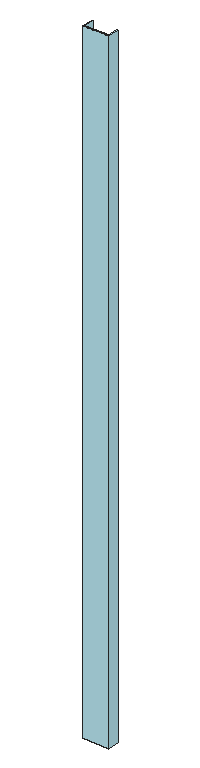
Revit family "C40×17×1.6（折曲加工) ", category 機械設備, Revit 2020
Family settings
  丸型コネクタ寸法 = 直径を使用
  種別 = なし
  パーツ タイプ = 標準
  作業面ベース = いいえ
  常に垂直 = はい
  ロード時にボイドで切り取り = いいえ
  共有 = いいえ
  部屋計算ポイント = いいえ
Parameters
  製造元 = "株式会社桐井製作所"
  既定の高さ = 0 mm
  URL = "https://www.kirii.co.jp/"
  K_長さ(mm) [instance] = 1000 mm
  K_外形寸法(mm) = "40×17×1.6"
  K_品名 = "チャンネルC-40×17×1.6(折曲加工)"
  K_名称 = "斜め部材(ブレース材)"
  K_バージョン情報 = "20211216"
Reference planes
  plane 1 "中心(正面/背面)": y = 0
  plane 2: z = 0
  plane 3 "中心(左/右)": x = 0
  plane 4: x = 20
  plane 5: x = -20
  plane 6: z = 1000
Forms (mm)
  Extrusion 1, solid
    sketch origin (0, 1, 0) x (1, 0, 0) y (0, 1, 0)
      loop
        line (-20, 16) -> (-20, -1) -> (20, -1) -> (20, 16) -> (18.4, 16) -> (18.4, 0.6) -> (-18.4, 0.6) -> (-18.4, 16) -> (-20, 16)
    from 0 to 1000
Dimensions and locks
  "K_長さ(mm)": plane 6 to plane 2
  aligned and locked: level to plane 2
  aligned and locked: plane 6 to Extrusion 1
Automatic sketch dimensions
  plane 1 "中心(正面/背面)" to Extrusion 1 sketch curve = 0 mm
  Extrusion 1 sketch curve to plane 5 = 0 mm
  Extrusion 1 sketch curve to plane 4 = 0 mm
  plane 5 to Extrusion 1 sketch curve = 1.6 mm
  Extrusion 1 sketch curve to plane 4 = 1.6 mm
  Extrusion 1 sketch curve to plane 1 "中心(正面/背面)" = 1.6 mm
  Extrusion 1 sketch curve to Extrusion 1 sketch curve = 15.4 mm  (x2)
